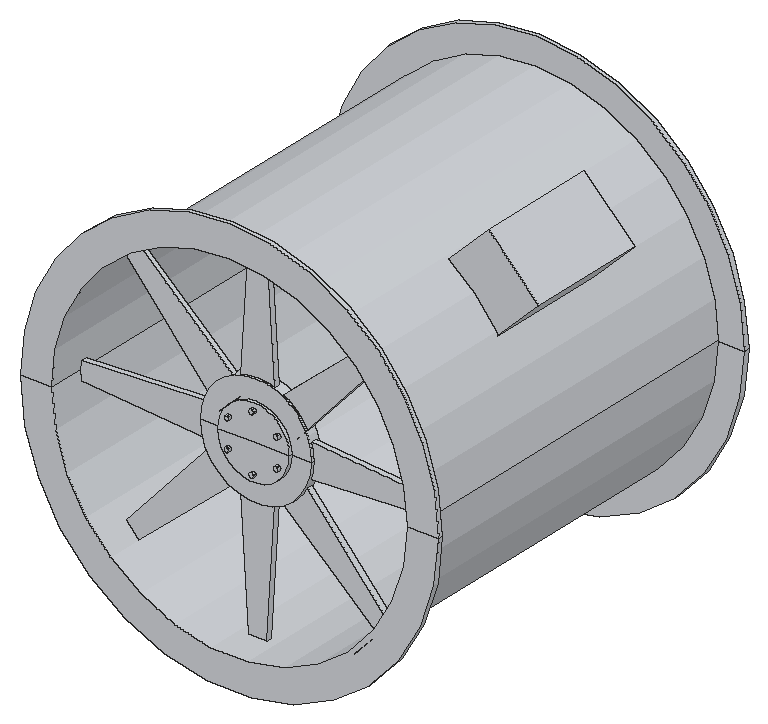
Revit family "CADS_Vent-Axia_MechEquip_Fan_LCA_400_3Ph2P - SUPPLY", category Mechanical Equipment, Revit 2020
Family settings
  Round Connector Dimension = Use Diameter
  Part Type = Normal
  OmniClass Number = 23.75.00.00
  OmniClass Title = Climate Control (HVAC)
  Work Plane-Based = No
  Always vertical = Yes
  Cut with Voids When Loaded = No
  Shared = No
  Room Calculation Point = No
Parameters (values of type "LCA403210")
  nr = NominalDiameter / 2  # 200 mm
  WorkingPressure = 0.0 Pa
  WarrantyStartDate [instance] = "1900-12-31T23:59:59"
  WarrantyPeriod = ""
  WarrantyIdentifier = "N/A"
  WarrantyGuarantorParts = "tech@vent-axia.com"
  WarrantyGuarantorLabor = "tech@vent-axia.com"
  WarrantyGuarantor = "Vent-Axia Limited"
  WarrantyEndDate [instance] = "1900-12-31T23:59:59"
  WarrantyContent = ""
  TemperatureRange = ""
  TagNumber [instance] = "N/A"
  SustainabilityPerformance = ""
  Status = "New"
  Size = ""
  Shape = ""
  ServiceLifeType = ""
  ServiceLifeDuration = ""
  SerialNumber [instance] = "N/A"
  ReplacementCost = ""
  RatedVoltage = 0 V
  RatedCurrent = 0 A
  Quantity = 1
  ProductionYear = ""
  PressureCurve = ""
  PowerFactor = ""
  PointOfContact = ""
  NumberOfPoles = 0
  NominalWidth = 400 mm
  NominalLength = 435 mm
  NominalHeight = 400 mm
  NominalFrequencyRange = ""
  NominalDiameter = 400 mm
  ModelReference = "LCAX 400mm 3PH 2P 10DEG"
  ModelNumber = "LCA403210"
  Material = ""
  ManufacturerE-Mail = "tech@vent-axia.com"
  ManufacturerAddress = "Fleming Way\nCrawley \nRH10 9YX"
  IsExtendedWarranty = no
  InsulationStandardClass = ""
  InstallationDate [instance] = "1900-12-31T23:59:59"
  IfcExportType [instance] = ""
  IfcExportAs = "IfcFanType"
  IP_Code = ""
  HasProtectiveEarth = no
  GrossWeight = 0.00 kg
  Grade = ""
  GlobalTradeItemNumber [instance] = "N/A"
  Fitting Type = "Ignore"
  Finish = ""
  Features = ""
  ExteriorInsulation = no
  ExpectedServiceLife = 0
  Exclusions = ""
  DurationUnit = "Year"
  Default Elevation = 0 mm
  Constituents = ""
  ConductorFunction = ""
  Color = ""
  CodePerformance = ""
  Category = ""
  CADS_Usage = 0
  CADS_Index = 0
  AssetType = "FIXED"
  AssetIdentifier [instance] = "N/A"
  AssemblyPlace = "UNKNOWN"
  ArticleNumber [instance] = "N/A"
  AirflowRateRange = 0.0 L/s
  Air Flow [instance] = 0.0 L/s
  AccessibilityPerformance = ""
Types (16, lengths in mm): name | ModelReference | ModelNumber
  LCA403210 | "LCAX 400mm 3PH 2P 10DEG" | "LCA403210"
  LCA403212 | "LCAX 400mm 3PH 2P 12DEG" | "LCA403212"
  LCA403214 | "LCAX 400mm 3PH 2P 14DEG" | "LCA403214"
  LCA403216 | "LCAX 400mm 3PH 2P 16DEG" | "LCA403216"
  LCA403218 | "LCAX 400mm 3PH 2P 18DEG" | "LCA403218"
  LCA403220 | "LCAX 400mm 3PH 2P 20DEG" | "LCA403220"
  LCA403222 | "LCAX 400mm 3PH 2P 22DEG" | "LCA403222"
  LCA403224 | "LCAX 400mm 3PH 2P 24DEG" | "LCA403224"
  LCA403226 | "LCAX 400mm 3PH 2P 26DEG" | "LCA403226"
  LCA403228 | "LCAX 400mm 3PH 2P 28DEG" | "LCA403228"
  LCA403230 | "LCAX 400mm 3PH 2P 30DEG" | "LCA403230"
  LCA403232 | "LCAX 400mm 3PH 2P 32DEG" | "LCA403232"
  LCA403234 | "LCAX 400mm 3PH 2P 34DEG" | "LCA403234"
  LCA403236 | "LCAX 400mm 3PH 2P 36DEG" | "LCA403236"
  LCA403238 | "LCAX 400mm 3PH 2P 38DEG" | "LCA403238"
  LCA403240 | "LCAX 400mm 3PH 2P 40DEG" | "LCA403240"
Reference planes
  plane 1 "Center (Front/Back)": y = 0
  plane 2: z = 0
  plane 3 "Center (Left/Right)": x = 0
  plane 4: x = -200
  plane 5: x = 200
  plane 6 "F": y = -217.5
  plane 7 "B": y = 217.5
  plane 8: x = -235
  plane 9: y = 212.5
  plane 10: y = -212.5
  plane 11: x = -205
  plane 12: y = -177.5
  plane 13 "top": z = 200
  plane 14: z = -200
  plane 15 "45deg": through (0, -1524, 0) normal (-0.7071, 0, -0.7071)
  plane 16 "C": through (0, -1524, 0) normal (-0.7071, 0, 0.7071)
Forms (mm)
  Revolve 1, solid
    sketch origin (0, 0, 0) x (1, 0, 0) y (0, 1, 0)
      loop
        line (-235, -217.5) -> (-200, -217.5) -> (-200, 217.5) -> (-235, 217.5) -> (-235, 212.5) -> (-205, 212.5) -> (-205, -212.5) -> (-235, -212.5) -> (-235, -217.5)
      axis (0, 217.5) -> (0, -217.5)
    angle from 0 to 360
  Sweep 2, solid
    path origin (0, 0, 0) x (1, 0, 0) y (0, 0, 1)
      loop
        line (141.421, 141.421) -> (187.383, 187.383)
    profile origin (164.402, 0, 164.402) x (-0.707107, 0, 0.707107) y (0, -1, 0)
      loop
        line (37.5, 55) -> (-42.73, 55) -> (-42.73, -79.5) -> (37.5, -79.5) -> (37.5, 55)
Dimensions and locks
  equal spacing: plane 4, plane 3 "Center (Left/Right)", plane 5
  equal spacing: plane 7 "B", plane 1 "Center (Front/Back)", plane 6 "F"
  "NominalLength": plane 7 "B" to plane 6 "F"
  "NominalDiameter": plane 4 to plane 5
  locked: plane 11 to plane 4 at 5
  locked: plane 8 to plane 11 at 30
  locked: plane 6 "F" to plane 10 at 5
  locked: plane 7 "B" to plane 9 at 5
  locked: plane 6 "F" to plane 12 at 40
  equal spacing: plane 13 "top", level, plane 14
  "NominalDiameter": plane 13 "top" to plane 14
  "nr": Sweep 2 sketch curve to nested 13
  Sweep 2 sketch curve to Sweep 2 sketch curve = 65 mm
  aligned and locked: level to plane 2
  aligned and locked: nested 1 to plane 12
Automatic sketch dimensions
  plane 6 "F" to Revolve 1 sketch curve = 0 mm
  Revolve 1 sketch curve to plane 8 = 0 mm  (x2)
  plane 10 to Revolve 1 sketch curve = 0 mm
  Revolve 1 sketch curve to plane 11 = 0 mm
  Revolve 1 sketch curve to plane 4 = 0 mm
  Revolve 1 sketch curve to plane 3 "Center (Left/Right)" = 0 mm
  plane 1 "Center (Front/Back)" to Revolve 1 sketch curve = 0 mm
  Revolve 1 sketch curve to plane 9 = 0 mm
  Revolve 1 sketch curve to plane 7 "B" = 0 mm
  plane 6 "F" to Revolve 1 sketch curve = 115 mm
  plane 1 "Center (Front/Back)" to Sweep 2 sketch curve = 55 mm
  Sweep 2 sketch curve to profile plane = 37.5 mm
  Sweep 2 sketch curve to Sweep 2 sketch curve = 80.23 mm
  Sweep 2 sketch curve to Sweep 2 sketch curve = 134.5 mm
  Sweep 2 sketch curve to plane 16 "C" = 0 mm  (x2)
Nested families
  nested 1: "Fan for ESC" at (0, -177.5, 0), ND <- "NominalDiameter", type "Fan for ESC"
    with hub 40 mm, ND 400 mm, BoltPCD 32 mm, Bolt Count 6, B_Diam 5 mm
  nested 2: "Bolts" at (27.713, -186.672, -16) x (-0.5, 0, -0.866) z (0, 1, 0), type "Bolts"
    with bd 5 mm
  nested 3: "Bolts" at (0, -186.672, -32) x (-1, 0, 0) z (0, 1, 0), type "Bolts"
    with bd 5 mm
  nested 4: "Bolts" at (-27.713, -186.672, -16) x (-0.5, 0, 0.866) z (0, 1, 0), type "Bolts"
    with bd 5 mm
  nested 5: "Bolts" at (-27.713, -186.672, 16) x (0.5, 0, 0.866) z (0, 1, 0), type "Bolts"
    with bd 5 mm
  nested 6: "Bolts" at (27.713, -186.672, 16) x (0.5, 0, -0.866) z (0, 1, 0), type "Bolts"
    with bd 5 mm
  nested 7: "Bolts" at (0, -186.672, 32) x (1, 0, 0) z (0, 1, 0), type "Bolts"
    with bd 5 mm
  nested 8: "ESC Blade" at (0, -177.5, 0), type "ESC Blade"
    with a 20.00°, HR 40 mm, HD 80 mm, BT 20 mm, BR 160 mm, BH 40 mm, BD 400 mm, BB 40 mm
  nested 9: "ESC Blade" at (0, -177.5, 0) x (0.7071, 0, -0.7071) z (0.7071, 0, 0.7071), type "ESC Blade"
    with a 20.00°, HR 40 mm, HD 80 mm, BT 20 mm, BR 160 mm, BH 40 mm, BD 400 mm, BB 40 mm
  nested 10: "ESC Blade" at (0, -177.5, 0) x (0, 0, -1) z (1, 0, 0), type "ESC Blade"
    with a 20.00°, HR 40 mm, HD 80 mm, BT 20 mm, BR 160 mm, BH 40 mm, BD 400 mm, BB 40 mm
  nested 11: "ESC Blade" at (0, -177.5, 0) x (-0.7071, 0, -0.7071) z (0.7071, 0, -0.7071), type "ESC Blade"
    with a 20.00°, HR 40 mm, HD 80 mm, BT 20 mm, BR 160 mm, BH 40 mm, BD 400 mm, BB 40 mm
  nested 12: "ESC Blade" at (0, -177.5, 0) x (-1, 0, 0) z (0, 0, -1), type "ESC Blade"
    with a 20.00°, HR 40 mm, HD 80 mm, BT 20 mm, BR 160 mm, BH 40 mm, BD 400 mm, BB 40 mm
  nested 13: "ESC Blade" at (0, -177.5, 0) x (-0.7071, 0, -0.7071) z (-0.7071, 0, 0.7071), type "ESC Blade"
    with a 20.00°, HR 40 mm, HD 80 mm, BT 20 mm, BR 160 mm, BH 40 mm, BD 400 mm, BB 40 mm
  nested 14: "ESC Blade" at (0, -177.5, 0) x (0, 0, -1) z (-1, 0, 0), type "ESC Blade"
    with a 20.00°, HR 40 mm, HD 80 mm, BT 20 mm, BR 160 mm, BH 40 mm, BD 400 mm, BB 40 mm
  nested 15: "ESC Blade" at (0, -177.5, 0) x (0.7071, 0, -0.7071) z (-0.7071, 0, -0.7071), type "ESC Blade"
    with a 20.00°, HR 40 mm, HD 80 mm, BT 20 mm, BR 160 mm, BH 40 mm, BD 400 mm, BB 40 mm
Connectors
  hvac at (0, -217.5, 0), driven by "NominalDiameter", driven by "Air Flow"
    settings: on Revolve 1, index 1, duct flow 0.0 L/s, flow factor 0, pres drop 0.0 Pa, loss coef 0, conn angle 0.00°, conn width 304.8 mm, conn height 304.8 mm, conn diameter 400 mm, duct sys type 1, conn prof type 0, flow config 1, flow direction 1, loss method 0, conn ref index -1, conn util no, is conn primary yes, conn desc ""
  hvac at (0, 217.5, 0), driven by "NominalDiameter", driven by "Air Flow"
    settings: on Revolve 1, index 2, duct flow 0.0 L/s, flow factor 0, pres drop 0.0 Pa, loss coef 0, conn angle 0.00°, conn width 304.8 mm, conn height 304.8 mm, conn diameter 400 mm, duct sys type 1, conn prof type 0, flow config 0, flow direction 2, loss method 0, conn ref index -1, conn util no, is conn primary no, conn desc ""
Definition of nested family "Fan for ESC"
  Parameters (values of type "Fan for ESC")
    hub [instance] = ND / 10  # 56.7 mm
    ND [instance] = 567 mm
    Model = "."
    Default Elevation = 0 mm
    BoltPCD [instance] = hub - (hub * 0.2)  # 45.36 mm
    Bolt Count [instance] = if(hub < 50 mm, 6, 8)  # 8
    B_Diam [instance] = if(hub < 50 mm, 5 mm, 10 mm)  # 10 mm
  Reference planes
    plane 1 "Center (Front/Back)": y = 0
    plane 2: z = 0
    plane 3 "Center (Left/Right)": x = 0
    plane 4 "back": y = 20
    plane 5 "bolts": y = -9.172
    plane 6 "B": z = 56.7
    plane 7: x = -79.287
    plane 8: x = -56.7
    plane 9 "hubface": y = -6.172
  Forms (mm)
    Revolve 1, solid
      sketch origin (0, 0, 0) x (1, 0, 0) y (0, 1, 0)
        loop
          line (0, 20) -> (-56.7, 20) -> (-56.7, 10.504) -> (-79.287, 10.504) -> (-79.287, -2.597) -> (-56.7, -2.597) -> (-56.7, -6.172) -> (0, -6.172) -> (0, 20)
        axis (0, 20) -> (0, -6.172)
      angle from 0 to 360
    Extrusion 2, solid, not visible
      sketch origin (0, -6.347, -4) x (-1, 0, 0) y (0, 0, 1)
        loop
          circle (0, 84) r 5
      from 0 to 3
  Lines and regions (mm)
    symbolic lines
      curve 1: circle (0, -9.172, 0) r 45.36 normal (0, 1, 0)
    model lines, not visible
      curve 2: line (0, -6.347, 85) -> (0, -6.347, 75)
  Dimensions and locks
    "hub": plane 6 "B" to plane 2
    "hub": nested 3 to plane 3 "Center (Left/Right)"
    "hub": nested 4 to plane 3 "Center (Left/Right)"
    "hub": nested 5 to plane 3 "Center (Left/Right)"
    "hub": plane 3 "Center (Left/Right)" to nested 6
    "hub": Revolve 1 sketch curve to Revolve 1 sketch curve
    "hub": plane 3 "Center (Left/Right)" to nested 7
    "hub": plane 3 "Center (Left/Right)" to nested 8
    "hub": plane 3 "Center (Left/Right)" to nested 9
    "hub": plane 8 to plane 3 "Center (Left/Right)"
    plane 7 to plane 8 = 22.587 mm
    diameter of Extrusion 2 sketch curve = 10 mm
    "BoltPCD": radius of curve 1
    "BoltPCD": radius of radial array
    aligned and locked: level to plane 2
    aligned and locked: plane 6 "B" to nested 1
  Automatic sketch dimensions
    Revolve 1 sketch curve to plane 7 = 0 mm
    Revolve 1 sketch curve to plane 8 = 0 mm  (x2)
    Revolve 1 sketch curve to plane 3 "Center (Left/Right)" = 0 mm
    Revolve 1 sketch curve to plane 9 "hubface" = 0 mm
    plane 4 "back" to Revolve 1 sketch curve = 0 mm
    plane 1 "Center (Front/Back)" to Revolve 1 sketch curve = 2.597 mm
    plane 4 "back" to Revolve 1 sketch curve = 9.496 mm
    Revolve 1 sketch curve to Revolve 1 sketch curve = 5 mm
    Revolve 1 sketch curve to plane 4 "back" = 45 mm
    curve 1 to level = 0 mm
    curve 1 to plane 3 "Center (Left/Right)" = 0 mm
  Nested families
    nested 1: "ESC Blade" at (0, 0, 0), BD <- "ND", HD <- "hub", type "ESC Blade"
      with a 20.00°, HR 56.7 mm, HD 113.4 mm, BT 28.35 mm, BR 226.8 mm, BH 40 mm, BD 567 mm, BB 56.7 mm
    nested 2: "ESC Blade" at (0, 0, 755), BD <- "ND", HD <- "hub", type "ESC Blade", not visible
      with a 20.00°, HR 56.7 mm, HD 113.4 mm, BT 28.35 mm, BR 226.8 mm, BH 40 mm, BD 567 mm, BB 56.7 mm
    nested 3: "ESC Blade" at (0, 0, 0) x (0.7071, 0, -0.7071) z (0.7071, 0, 0.7071), BD <- "ND", HD <- "hub", type "ESC Blade"
      with a 20.00°, HR 56.7 mm, HD 113.4 mm, BT 28.35 mm, BR 226.8 mm, BH 40 mm, BD 567 mm, BB 56.7 mm
    nested 4: "ESC Blade" at (0, 0, 0) x (0, 0, -1) z (1, 0, 0), BD <- "ND", HD <- "hub", type "ESC Blade"
      with a 20.00°, HR 56.7 mm, HD 113.4 mm, BT 28.35 mm, BR 226.8 mm, BH 40 mm, BD 567 mm, BB 56.7 mm
    nested 5: "ESC Blade" at (0, 0, 0) x (-0.7071, 0, -0.7071) z (0.7071, 0, -0.7071), BD <- "ND", HD <- "hub", type "ESC Blade"
      with a 20.00°, HR 56.7 mm, HD 113.4 mm, BT 28.35 mm, BR 226.8 mm, BH 40 mm, BD 567 mm, BB 56.7 mm
    nested 6: "ESC Blade" at (0, 0, 0) x (-1, 0, 0) z (0, 0, -1), BD <- "ND", HD <- "hub", type "ESC Blade"
      with a 20.00°, HR 56.7 mm, HD 113.4 mm, BT 28.35 mm, BR 226.8 mm, BH 40 mm, BD 567 mm, BB 56.7 mm
    nested 7: "ESC Blade" at (0, 0, 0) x (-0.7071, 0, -0.7071) z (-0.7071, 0, 0.7071), BD <- "ND", HD <- "hub", type "ESC Blade"
      with a 20.00°, HR 56.7 mm, HD 113.4 mm, BT 28.35 mm, BR 226.8 mm, BH 40 mm, BD 567 mm, BB 56.7 mm
    nested 8: "ESC Blade" at (0, 0, 0) x (0, 0, -1) z (-1, 0, 0), BD <- "ND", HD <- "hub", type "ESC Blade"
      with a 20.00°, HR 56.7 mm, HD 113.4 mm, BT 28.35 mm, BR 226.8 mm, BH 40 mm, BD 567 mm, BB 56.7 mm
    nested 9: "ESC Blade" at (0, 0, 0) x (0.7071, 0, -0.7071) z (-0.7071, 0, -0.7071), BD <- "ND", HD <- "hub", type "ESC Blade"
      with a 20.00°, HR 56.7 mm, HD 113.4 mm, BT 28.35 mm, BR 226.8 mm, BH 40 mm, BD 567 mm, BB 56.7 mm
    nested 10: "Bolts" at (0, -9.172, 45.36) x (1, 0, 0) z (0, 1, 0), bd <- "B_Diam", type "Bolts"
      with bd 10 mm
    nested 11: "Bolts" at (32.074, -9.172, 32.074) x (0.7071, 0, -0.7071) z (0, 1, 0), bd <- "B_Diam", type "Bolts"
      with bd 10 mm
    nested 12: "Bolts" at (-32.074, -9.172, 32.074) x (0.7071, 0, 0.7071) z (0, 1, 0), bd <- "B_Diam", type "Bolts"
      with bd 10 mm
    nested 13: "Bolts" at (-45.36, -9.172, 0) x (0, 0, 1) z (0, 1, 0), bd <- "B_Diam", type "Bolts"
      with bd 10 mm
    nested 14: "Bolts" at (-32.074, -9.172, -32.074) x (-0.7071, 0, 0.7071) z (0, 1, 0), bd <- "B_Diam", type "Bolts"
      with bd 10 mm
    nested 15: "Bolts" at (0, -9.172, -45.36) x (-1, 0, 0) z (0, 1, 0), bd <- "B_Diam", type "Bolts"
      with bd 10 mm
    nested 16: "Bolts" at (32.074, -9.172, -32.074) x (-0.7071, 0, -0.7071) z (0, 1, 0), bd <- "B_Diam", type "Bolts"
      with bd 10 mm
    nested 17: "Bolts" at (45.36, -9.172, 0) x (0, 0, -1) z (0, 1, 0), bd <- "B_Diam", type "Bolts"
      with bd 10 mm
  Definition of nested family "ESC Blade"
    Parameters (values of type "ESC Blade")
      a [instance] = 20.00°
      HR [instance] = HD / 2  # 30 mm
      HD [instance] = BD / 5  # 60 mm
      Default Elevation = 1219.2 mm
      BT [instance] = BD / 20  # 15 mm
      BR [instance] = (BD / 2) - HR  # 120 mm
      BH [instance] = 40 mm
      BD [instance] = 300 mm
      BB [instance] = BD / 10  # 30 mm
    Reference planes
      plane 1 "Center (Front/Back)": y = 0
      plane 2: z = 0
      plane 3 "Center (Left/Right)": x = 0
      plane 4 "Blade Bot": z = 30
      plane 5: x = -15
      plane 6: x = 15
      plane 7: x = -7.5
      plane 8: x = 7.5
    Forms (mm)
      Blend 1, solid
        base sketch origin (0, 0, 30) x (-1, 0, 0) y (0, -1, 0)
          loop
            line (15, 0) -> (-15, 0) -> (-15, -6) -> (15, -6) -> (15, 0)
        top sketch origin (0, 0, 30) x (-1, 0, 0) y (0, -1, 0)
          loop
            line (7.5, -6) -> (7.5, 0) -> (-7.5, 0) -> (-7.5, -6) -> (7.5, -6)
        from 0 to 120 <- "BR"
    Dimensions and locks
      "HR": plane 4 "Blade Bot" to level
      equal spacing: plane 8, plane 3 "Center (Left/Right)", plane 7
      "BT": plane 8 to plane 7
      equal spacing: plane 6, plane 3 "Center (Left/Right)", plane 5
      "BB": plane 6 to plane 5
      aligned and locked: level to plane 2
    Automatic sketch dimensions
      plane 1 "Center (Front/Back)" to Blend 1 sketch curve = 0 mm  (x2)
      Blend 1 sketch curve to plane 6 = 0 mm
      Blend 1 sketch curve to plane 5 = 0 mm
      Blend 1 sketch curve to plane 1 "Center (Front/Back)" = 6 mm  (x2)
      Blend 1 sketch curve to plane 8 = 0 mm
      Blend 1 sketch curve to plane 7 = 0 mm
  Definition of nested family "Bolts"
    Parameters
      bd [instance] = 10 mm
      Default Elevation = 1219.2 mm
    Reference planes
      plane 1 "Center (Front/Back)": y = 0
      plane 2: z = 0
      plane 3 "Center (Left/Right)": x = 0
    Forms (mm)
      Extrusion 1, solid
        sketch origin (0, 0, 0) x (1, 0, 0) y (0, 1, 0)
          loop
            line (-1219.2, 1219.2) -> (-1219.2, -1219.2) -> (1219.2, -1219.2) -> (1219.2, 1219.2) -> (-1219.2, 1219.2)
        from 0 to -304.8
      Extrusion 2, solid
        sketch origin (0, 0, 0) x (1, 0, 0) y (0, 1, 0)
          loop
            circle (0, 0) r 5
        from 0 to 3
    Dimensions and locks
      "bd": diameter of Extrusion 2 sketch curve
      aligned and locked: plane 2 to Extrusion 1
      aligned and locked: level to Extrusion 1
    Automatic sketch dimensions
      Extrusion 1 sketch curve to Extrusion 1 sketch curve = 2438.4 mm  (x2)
      plane 1 "Center (Front/Back)" to Extrusion 2 sketch curve = 0 mm
      Extrusion 2 sketch curve to plane 3 "Center (Left/Right)" = 0 mm
Definition of nested family "Bolts"
  Parameters
    bd [instance] = 10 mm
    Default Elevation = 1219.2 mm
  Reference planes
    plane 1 "Center (Front/Back)": y = 0
    plane 2: z = 0
    plane 3 "Center (Left/Right)": x = 0
  Forms (mm)
    Extrusion 1, solid
      sketch origin (0, 0, 0) x (1, 0, 0) y (0, 1, 0)
        loop
          line (-1219.2, 1219.2) -> (-1219.2, -1219.2) -> (1219.2, -1219.2) -> (1219.2, 1219.2) -> (-1219.2, 1219.2)
      from 0 to -304.8
    Extrusion 2, solid
      sketch origin (0, 0, 0) x (1, 0, 0) y (0, 1, 0)
        loop
          circle (0, 0) r 5
      from 0 to 3
  Dimensions and locks
    "bd": diameter of Extrusion 2 sketch curve
    aligned and locked: plane 2 to Extrusion 1
    aligned and locked: level to Extrusion 1
  Automatic sketch dimensions
    Extrusion 1 sketch curve to Extrusion 1 sketch curve = 2438.4 mm  (x2)
    plane 1 "Center (Front/Back)" to Extrusion 2 sketch curve = 0 mm
    Extrusion 2 sketch curve to plane 3 "Center (Left/Right)" = 0 mm
Definition of nested family "ESC Blade"
  Parameters (values of type "ESC Blade")
    a [instance] = 20.00°
    HR [instance] = HD / 2  # 30 mm
    HD [instance] = BD / 5  # 60 mm
    Default Elevation = 1219.2 mm
    BT [instance] = BD / 20  # 15 mm
    BR [instance] = (BD / 2) - HR  # 120 mm
    BH [instance] = 40 mm
    BD [instance] = 300 mm
    BB [instance] = BD / 10  # 30 mm
  Reference planes
    plane 1 "Center (Front/Back)": y = 0
    plane 2: z = 0
    plane 3 "Center (Left/Right)": x = 0
    plane 4 "Blade Bot": z = 30
    plane 5: x = -15
    plane 6: x = 15
    plane 7: x = -7.5
    plane 8: x = 7.5
  Forms (mm)
    Blend 1, solid
      base sketch origin (0, 0, 30) x (-1, 0, 0) y (0, -1, 0)
        loop
          line (15, 0) -> (-15, 0) -> (-15, -6) -> (15, -6) -> (15, 0)
      top sketch origin (0, 0, 30) x (-1, 0, 0) y (0, -1, 0)
        loop
          line (7.5, -6) -> (7.5, 0) -> (-7.5, 0) -> (-7.5, -6) -> (7.5, -6)
      from 0 to 120 <- "BR"
  Dimensions and locks
    "HR": plane 4 "Blade Bot" to level
    equal spacing: plane 8, plane 3 "Center (Left/Right)", plane 7
    "BT": plane 8 to plane 7
    equal spacing: plane 6, plane 3 "Center (Left/Right)", plane 5
    "BB": plane 6 to plane 5
    aligned and locked: level to plane 2
  Automatic sketch dimensions
    plane 1 "Center (Front/Back)" to Blend 1 sketch curve = 0 mm  (x2)
    Blend 1 sketch curve to plane 6 = 0 mm
    Blend 1 sketch curve to plane 5 = 0 mm
    Blend 1 sketch curve to plane 1 "Center (Front/Back)" = 6 mm  (x2)
    Blend 1 sketch curve to plane 8 = 0 mm
    Blend 1 sketch curve to plane 7 = 0 mm
